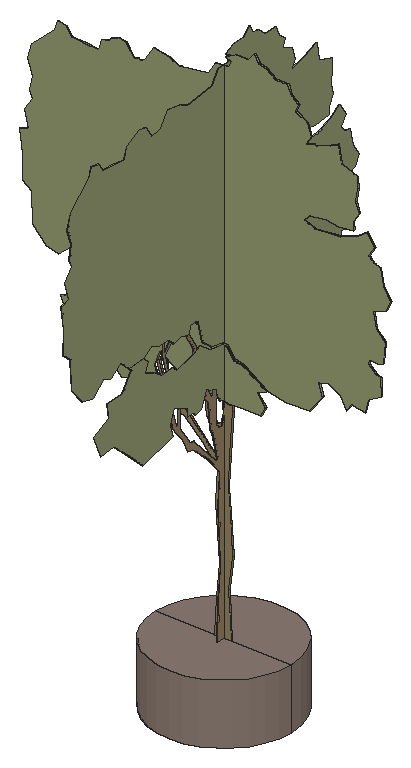
Revit family "L-PL낙엽교목_가중나무", category 수목, Revit 2019
Family settings
  OmniClass 번호 = 23.40.05.00
  OmniClass 제목 = Plants and Planting Products
  작업 기준면 기반 = 아니오
  항상 수직 = 예
  로드될 때 보이드를 사용하여 절단 = 아니오
  렌더 모양 소스 = 패밀리 형상
  공유 = 아니오
Parameters (values of type "가중나무")
  한국산업규격KS = ""
  콘 높이 = 뿌리분 직경 / 4  # 272.5 mm
  조달청표준공사코드-세부공종 = "10161599202809"
  뿌리분 직경 = (24 mm + ((R / 10) - 3 mm) * 5) * 10  # 1090 mm
  뿌리분 높이 = 뿌리분 직경 / 2  # 545 mm
  높이 = 5000 mm
  건설정보분류체계-부위분류 = "E985"
  R = 200 mm
  LIM_INFO_주의사항 = "재배포, 재가공, 판매 금지"
  LIM_INFO_제작일 = "20211210"
  LIM_INFO_버전 = "2022_V01"
  LIM_INFO_PL_학명 = "Quercus myrsinaefolia Bl."
  LIM_INFO_PL_품명 = "가시나무"
  LIM_INFO_PL_주당인정수량 = 0
  LIM_INFO_PL_수목단위 = "주"
  LIM_INFO_PL_규격 = "5.0H X 18R"
  LIM_INFO_PL_구분 = "상록교목"
  LIM_INFO_PL_가격 = 0
  LIM_INFO_PL_Qty [instance] = 0
  LIM_INFO_PL_M2당수량 = 0
  KBIMS_식별-버전 = ""
  KBIMS_식별-bSK등록번호 = ""
  KBIMS_보급정보-저작자 = "림인포테크_MMJ"
  KBIMS_보급정보-보급코드 = ""
  H = 높이  # 5000 mm
Reference planes
  plane 1 "중심(앞/뒤)": y = 0
  plane 2: z = 0
  plane 3 "중심(왼쪽/오른쪽)": x = 0
  plane 4: x = 482.5
  plane 5: x = -607.5
  plane 6: z = -545
  plane 7: z = -817.5
  plane 8: z = 5000
  plane 9: x = -100
  plane 10: x = 100
Forms (mm)
  Revolve 1, solid, material "흙"
    sketch origin (0, 0, 0) x (1, 0, 0) y (0, 0, 1)
      loop
        line (0, 0) -> (-607.5, 0) -> (-607.5, -545) -> (0, -545) -> (0, 0)
      axis (0, 0) -> (0, -545)
    angle from 0 to 360
  Revolve 2, solid, material "흙"
    sketch origin (0, 0, 0) x (1, 0, 0) y (0, 0, 1)
      loop
        line (0, -545) -> (-607.5, -545) -> (0, -817.5) -> (0, -545)
      axis (0, -545) -> (0, -817.5)
    angle from 0 to 360
Dimensions and locks
  "뿌리분 직경": plane 4 to plane 5
  "뿌리분 높이": plane 6 to level
  "콘 높이": plane 7 to plane 6
  "H": level to plane 8
  "R": plane 9 to plane 10
  aligned and locked: level to plane 2
Automatic sketch dimensions
  Revolve 1 sketch curve to level = 0 mm  (x2)
  Revolve 1 sketch curve to plane 5 = 0 mm
  Revolve 1 sketch curve to plane 3 "중심(왼쪽/오른쪽)" = 0 mm  (x2)
  Revolve 1 sketch curve to plane 6 = 0 mm  (x2)
  Revolve 2 sketch curve to plane 5 = 0 mm
  Revolve 2 sketch curve to plane 3 "중심(왼쪽/오른쪽)" = 0 mm  (x2)
  Revolve 2 sketch curve to plane 7 = 0 mm  (x2)
  Revolve 2 sketch curve to plane 6 = 0 mm  (x2)
Nested families
  nested 1: "가죽나무_base" at (0, 0, 0), type "가죽나무_base"
Definition of nested family "가죽나무_base"
  Parameters (values of type "가죽나무_base")
    Height = 6000 mm
  Reference planes
    plane 1 "중심(앞/뒤)": y = 0
    plane 2: z = 0
    plane 3 "중심(왼쪽/오른쪽)": x = 0
  Forms (mm)
    Revolve 1, solid, detail levels coarse
      sketch origin (0, 0, 0) x (1, 0, 0) y (0, 0, 1)
        loop
          line (0, 0) -> (0, 4686.658) -> (-664.965, 4541.816)
          arc (-664.965, 4541.816) -> (-1207.294, 4312.669) -> (-1629.811, 3902.659) r 1597.757
          arc (-1629.811, 3902.659) -> (-1806.634, 3521.785) -> (-1837.552, 3103.006) r 1169.714
          arc (-1837.552, 3103.006) -> (-1763.105, 2766.62) -> (-1616.405, 2454.889) r 1554.774
          arc (-1616.405, 2454.889) -> (-1364.031, 2143.944) -> (-1039.766, 1908.929) r 1533.797
          arc (-1039.766, 1908.929) -> (-699.496, 1774.338) -> (-337.03, 1724.177) r 1533.797
          line (-337.03, 1724.177) -> (-75, 1724.177) -> (-75, 0) -> (0, 0)
        axis (0, 4686.658) -> (0, 0)
      angle from 0 to 360
    Extrusion 2, solid, detail levels fine
      sketch origin (0, 0, 0) x (1, 0, 0) y (0, 0, 1)
        loop
          line (-1347.961, 2669.408) -> (-1265.061, 2629.631) -> (-1155.633, 2712.501) -> (-1064.001, 2621.722) -> (-899.077, 2634.249) -> (-805.172, 2696.83) -> (-715.44, 2657.195) -> (-615.275, 2657.195) -> (-567.279, 2600.873) -> (-485.895, 2623.819) -> (-394.076, 2600.873) -> (-381.556, 2667.626) -> (-293.911, 2675.97) -> (-275.13, 2607.131) -> (-239.655, 2471.54) -> (-137.23, 2389.459) -> (48.937, 2365.738) -> (103.663, 2278.944) -> (190.081, 2255.349) -> (408.664, 2114.572) -> (571.348, 2083.596) -> (774.057, 2092.631) -> (890.259, 2238.477) -> (857.981, 2348.184) -> (941.904, 2363.672) -> (1047.778, 2305.591) -> (1100.715, 2207.501) -> (1151.069, 2270.743) -> (1272.514, 2254.434) -> (1297.045, 2360.269) -> (1415.83, 2431.256) -> (1410.665, 2575.811) -> (1365.476, 2596.462) -> (1302.21, 2654.542) -> (1307.374, 2686.809) -> (1377.607, 2683.55) -> (1431.09, 2700.001) -> (1451.661, 2876.842) -> (1371.436, 2959.094) -> (1346.752, 3086.584) -> (1459.889, 3131.823) -> (1501.03, 3216.131) -> (1435.204, 3323.058) -> (1406.406, 3456.718) -> (1352.968, 3471.76) -> (1301.542, 3519.055) -> (1357.082, 3599.25) -> (1291.257, 3702.065) -> (1190.462, 3634.208) -> (1052.64, 3586.913) -> (822.251, 3564.293) -> (727.627, 3603.363) -> (774.939, 3652.714) -> (920.989, 3673.277) -> (1027.955, 3656.827) -> (1167.834, 3675.333) -> (1165.777, 3743.191) -> (1217.203, 3825.443) -> (1186.348, 3913.864) -> (1204.861, 4022.848) -> (1200.747, 4117.437) -> (1056.754, 4166.788) -> (1030.012, 4314.842) -> (898.361, 4257.265) -> (744.083, 4218.196) -> (789.338, 4292.222) -> (754.368, 4392.981) -> (651.516, 4446.445) -> (678.258, 4506.077) -> (610.375, 4559.541) -> (577.463, 4637.68) -> (466.382, 4637.68) -> (388.215, 4699.369) -> (318.948, 4713.991) -> (282.376, 4777.136) -> (229.182, 4710.667) -> (112.819, 4710.667) -> (26.377, 4667.462) -> (72.923, 4640.875) -> (49.65, 4591.023) -> (-63.388, 4584.376) -> (-129.882, 4478.026) -> (-402.504, 4441.468) -> (-485.62, 4481.349) -> (-625.256, 4504.613) -> (-705.048, 4384.969) -> (-804.788, 4365.028) -> (-871.281, 4468.055) -> (-937.774, 4478.026) -> (-1087.384, 4411.557) -> (-1110.656, 4318.5) -> (-1246.967, 4331.794) -> (-1356.681, 4338.441) -> (-1403.226, 4408.233) -> (-1483.018, 4424.85) -> (-1509.616, 4341.764) -> (-1712.721, 4154.435) -> (-1752.512, 4031.787) -> (-1702.773, 3905.825) -> (-1729.301, 3783.178) -> (-1699.457, 3720.197) -> (-1779.04, 3617.439) -> (-1735.933, 3471.588) -> (-1818.832, 3445.07) -> (-1788.988, 3246.182) -> (-1792.304, 3043.98) -> (-1716.037, 2977.684) -> (-1699.457, 2722.445) -> (-1580.081, 2586.539) -> (-1473.969, 2560.02) -> (-1347.961, 2669.408)
        loop
          line (-1453.595, 2239.431) -> (-1376.987, 2053.153) -> (-1234.122, 2071.781) -> (-1062.27, 1920.689) -> (-904.911, 1775.806) -> (-573.63, 1862.736) -> (-612.97, 1970.363) -> (-565.348, 2090.409) -> (-403.848, 2009.688) -> (-401.992, 1946.588) -> (-340.261, 1955.119) -> (-319.46, 1926.9) -> (-267.087, 1948.064) -> (-226.282, 2012.763) -> (-198.171, 2079.791) -> (-177.203, 2074.493) -> (-150.013, 2009.769) -> (-135.266, 2004.011) -> (-131.58, 2051.92) -> (-92.178, 2031.881) -> (-92.178, 1995.488) -> (-40.682, 1918.247) -> (47.146, 1888.705) -> (155.601, 1901.612) -> (336.361, 1893.868) -> (381.55, 1977.762) -> (306.664, 2071.98) -> (387.334, 2105.666) -> (186.611, 2234.845) -> (94.45, 2253.905) -> (34.069, 2345.503) -> (-151.821, 2370.862) -> (-266.897, 2455.654) -> (-339.82, 2413.131) -> (-527.63, 2369.325) -> (-575.626, 2413.131) -> (-696.659, 2402.701) -> (-778.044, 2463.196) -> (-884.469, 2507.002) -> (-855.254, 2584.185) -> (-894.246, 2628.731) -> (-1059.341, 2617.105) -> (-1033.283, 2591.289) -> (-1136.808, 2454.685) -> (-1300.378, 2446.406) -> (-1287.955, 2320.151) -> (-1453.595, 2239.431)
      from 0 to 5
    Extrusion 3, solid, detail levels fine
      sketch origin (0, 0, 0) x (1, 0, 0) y (0, 0, 1)
        loop
          line (-633.943, 2416.953) -> (-660, 2551.75) -> (-601.549, 2629.882) -> (-608.153, 2639.989) -> (-667.655, 2570.226) -> (-669.554, 2560.892) -> (-678.258, 2570.226) -> (-670.452, 2652.242) -> (-682.613, 2652.242) -> (-691.126, 2564.714) -> (-686.261, 2545.668) -> (-677.343, 2535.538) -> (-649.373, 2413.97) -> (-633.943, 2416.953)
        loop
          line (-181.926, 1510.015) -> (-46.981, 1349.177) -> (-64.812, 1066.304) -> (-33.311, 588.286) -> (-61.854, 308.45) -> (-75, 0) -> (75, 0) -> (64.581, 167.852) -> (49.988, 406.079) -> (85.807, 678.479) -> (64.207, 1023.97) -> (47.065, 1227.939) -> (60.122, 1479.422) -> (85.614, 1846.483) -> (88.547, 1888.717) -> (45.053, 1883.547) -> (-3.42, 1899.828) -> (-0.478, 1858.187) -> (2.754, 1808.042) -> (-19.8, 1706.313) -> (-59.956, 1706.313) -> (-73.708, 1730.508) -> (-91.861, 1748.654) -> (-91.676, 1847.115) -> (-97.515, 1870.119) -> (-97.515, 1942.909) -> (-87.898, 1974.84) -> (-97.879, 1993.764) -> (-96.467, 2026.133) -> (-130.394, 2044.185) -> (-130.394, 1986.748) -> (-154.472, 2001.517) -> (-180.191, 2068.254) -> (-195.513, 2072.63) -> (-220.862, 2015.917) -> (-173.648, 1962.906) -> (-151.515, 1735.209) -> (-117.732, 1679.266) -> (-71.665, 1455.836) -> (-88.568, 1456.345) -> (-334.42, 1721.147) -> (-382.069, 1727.271) -> (-425.627, 1800.619) -> (-477.879, 1862.791) -> (-493.759, 1887.732) -> (-501.467, 1909.403) -> (-499.387, 1926.921) -> (-499.387, 2042.14) -> (-497.419, 2053.784) -> (-511.396, 2060.863) -> (-514.267, 2044.909) -> (-514.267, 1929.128) -> (-521.335, 1914.496) -> (-529.012, 1912.134) -> (-546.391, 1944.309) -> (-575.367, 2047.339) -> (-591.172, 2008.902) -> (-569.469, 1925.425) -> (-559.21, 1916.643) -> (-547.646, 1890.707) -> (-461.589, 1789.984) -> (-402.019, 1668.17) -> (-341.957, 1658.747) -> (-181.926, 1510.015)
        loop
          line (-426.35, 2604.75) -> (-344.395, 2469.018) -> (-345.941, 2421.624) -> (-316.148, 2435.929) -> (-315.536, 2474.17) -> (-390.692, 2597.189) -> (-426.35, 2604.75)
      from 0 to 5
    Extrusion 4, solid, detail levels fine
      sketch origin (-1.401, 0, 0) x (0, 1, 0) y (0, 0, 1)
        loop
          line (-1347.961, 2669.408) -> (-1265.061, 2629.631) -> (-1155.633, 2712.501) -> (-1064.001, 2621.722) -> (-899.077, 2634.249) -> (-805.172, 2696.83) -> (-715.44, 2657.195) -> (-615.275, 2657.195) -> (-567.279, 2600.873) -> (-485.895, 2623.819) -> (-394.076, 2600.873) -> (-381.556, 2667.626) -> (-293.911, 2675.97) -> (-275.13, 2607.131) -> (-239.655, 2471.54) -> (-137.23, 2389.459) -> (48.937, 2365.738) -> (103.663, 2278.944) -> (190.081, 2255.349) -> (408.664, 2114.572) -> (571.348, 2083.596) -> (774.057, 2092.631) -> (890.259, 2238.477) -> (857.981, 2348.184) -> (941.904, 2363.672) -> (1047.778, 2305.591) -> (1100.715, 2207.501) -> (1151.069, 2270.743) -> (1272.514, 2254.434) -> (1297.045, 2360.269) -> (1415.83, 2431.256) -> (1410.665, 2575.811) -> (1365.476, 2596.462) -> (1302.21, 2654.542) -> (1307.374, 2686.809) -> (1377.607, 2683.55) -> (1431.09, 2700.001) -> (1451.661, 2876.842) -> (1371.436, 2959.094) -> (1346.752, 3086.584) -> (1459.889, 3131.823) -> (1501.03, 3216.131) -> (1435.204, 3323.058) -> (1406.406, 3456.718) -> (1352.968, 3471.76) -> (1301.542, 3519.055) -> (1357.082, 3599.25) -> (1291.257, 3702.065) -> (1190.462, 3634.208) -> (1052.64, 3586.913) -> (822.251, 3564.293) -> (727.627, 3603.363) -> (774.939, 3652.714) -> (920.989, 3673.277) -> (1027.955, 3656.827) -> (1167.834, 3675.333) -> (1165.777, 3743.191) -> (1217.203, 3825.443) -> (1186.348, 3913.864) -> (1204.861, 4022.848) -> (1200.747, 4117.437) -> (1056.754, 4166.788) -> (1030.012, 4314.842) -> (898.361, 4257.265) -> (744.083, 4218.196) -> (789.338, 4292.222) -> (754.368, 4392.981) -> (651.516, 4446.445) -> (678.258, 4506.077) -> (610.375, 4559.541) -> (577.463, 4637.68) -> (466.382, 4637.68) -> (388.215, 4699.369) -> (318.948, 4713.991) -> (282.376, 4777.136) -> (229.182, 4710.667) -> (112.819, 4710.667) -> (26.377, 4667.462) -> (72.923, 4640.875) -> (49.65, 4591.023) -> (-63.388, 4584.376) -> (-129.882, 4478.026) -> (-402.504, 4441.468) -> (-485.62, 4481.349) -> (-625.256, 4504.613) -> (-705.048, 4384.969) -> (-804.788, 4365.028) -> (-871.281, 4468.055) -> (-937.774, 4478.026) -> (-1087.384, 4411.557) -> (-1110.656, 4318.5) -> (-1246.967, 4331.794) -> (-1356.681, 4338.441) -> (-1403.226, 4408.233) -> (-1483.018, 4424.85) -> (-1509.616, 4341.764) -> (-1712.721, 4154.435) -> (-1752.512, 4031.787) -> (-1702.773, 3905.825) -> (-1729.301, 3783.178) -> (-1699.457, 3720.197) -> (-1779.04, 3617.439) -> (-1735.933, 3471.588) -> (-1818.832, 3445.07) -> (-1788.988, 3246.182) -> (-1792.304, 3043.98) -> (-1716.037, 2977.684) -> (-1699.457, 2722.445) -> (-1580.081, 2586.539) -> (-1473.969, 2560.02) -> (-1347.961, 2669.408)
        loop
          line (-1453.595, 2239.431) -> (-1376.987, 2053.153) -> (-1234.122, 2071.781) -> (-1062.27, 1920.689) -> (-904.911, 1775.806) -> (-573.63, 1862.736) -> (-612.97, 1970.363) -> (-565.348, 2090.409) -> (-403.848, 2009.688) -> (-401.992, 1946.588) -> (-340.261, 1955.119) -> (-319.46, 1926.9) -> (-267.087, 1948.064) -> (-226.282, 2012.763) -> (-198.171, 2079.791) -> (-177.203, 2074.493) -> (-150.013, 2009.769) -> (-135.266, 2004.011) -> (-131.58, 2051.92) -> (-92.178, 2031.881) -> (-92.178, 1995.488) -> (-40.682, 1918.247) -> (47.146, 1888.705) -> (155.601, 1901.612) -> (336.361, 1893.868) -> (381.55, 1977.762) -> (306.664, 2071.98) -> (387.334, 2105.666) -> (186.611, 2234.845) -> (94.45, 2253.905) -> (34.069, 2345.503) -> (-151.821, 2370.862) -> (-266.897, 2455.654) -> (-339.82, 2413.131) -> (-527.63, 2369.325) -> (-575.626, 2413.131) -> (-696.659, 2402.701) -> (-778.044, 2463.196) -> (-884.469, 2507.002) -> (-855.254, 2584.185) -> (-894.246, 2628.731) -> (-1059.341, 2617.105) -> (-1033.283, 2591.289) -> (-1136.808, 2454.685) -> (-1300.378, 2446.406) -> (-1287.955, 2320.151) -> (-1453.595, 2239.431)
      from 0 to 5
    Extrusion 5, solid, detail levels fine
      sketch origin (-1.401, 0, 0) x (0, 1, 0) y (0, 0, 1)
        loop
          line (-633.943, 2416.953) -> (-660, 2551.75) -> (-601.549, 2629.882) -> (-608.153, 2639.989) -> (-667.655, 2570.226) -> (-669.554, 2560.892) -> (-678.258, 2570.226) -> (-670.452, 2652.242) -> (-682.613, 2652.242) -> (-691.126, 2564.714) -> (-686.261, 2545.668) -> (-677.343, 2535.538) -> (-649.373, 2413.97) -> (-633.943, 2416.953)
        loop
          line (-181.926, 1510.015) -> (-46.981, 1349.177) -> (-64.812, 1066.304) -> (-33.311, 588.286) -> (-61.854, 308.45) -> (-75, 0) -> (75, 0) -> (64.581, 167.852) -> (49.988, 406.079) -> (85.807, 678.479) -> (64.207, 1023.97) -> (47.065, 1227.939) -> (60.122, 1479.422) -> (85.614, 1846.483) -> (88.547, 1888.717) -> (45.053, 1883.547) -> (-3.42, 1899.828) -> (-0.478, 1858.187) -> (2.754, 1808.042) -> (-19.8, 1706.313) -> (-59.956, 1706.313) -> (-73.708, 1730.508) -> (-91.861, 1748.654) -> (-91.676, 1847.115) -> (-97.515, 1870.119) -> (-97.515, 1942.909) -> (-87.898, 1974.84) -> (-97.879, 1993.764) -> (-96.467, 2026.133) -> (-130.394, 2044.185) -> (-130.394, 1986.748) -> (-154.472, 2001.517) -> (-180.191, 2068.254) -> (-195.513, 2072.63) -> (-220.862, 2015.917) -> (-173.648, 1962.906) -> (-151.515, 1735.209) -> (-117.732, 1679.266) -> (-71.665, 1455.836) -> (-88.568, 1456.345) -> (-334.42, 1721.147) -> (-382.069, 1727.271) -> (-425.627, 1800.619) -> (-477.879, 1862.791) -> (-493.759, 1887.732) -> (-501.467, 1909.403) -> (-499.387, 1926.921) -> (-499.387, 2042.14) -> (-497.419, 2053.784) -> (-511.396, 2060.863) -> (-514.267, 2044.909) -> (-514.267, 1929.128) -> (-521.335, 1914.496) -> (-529.012, 1912.134) -> (-546.391, 1944.309) -> (-575.367, 2047.339) -> (-591.172, 2008.902) -> (-569.469, 1925.425) -> (-559.21, 1916.643) -> (-547.646, 1890.707) -> (-461.589, 1789.984) -> (-402.019, 1668.17) -> (-341.957, 1658.747) -> (-181.926, 1510.015)
        loop
          line (-426.35, 2604.75) -> (-344.395, 2469.018) -> (-345.941, 2421.624) -> (-316.148, 2435.929) -> (-315.536, 2474.17) -> (-390.692, 2597.189) -> (-426.35, 2604.75)
      from 0 to 5
  Lines and regions (mm)
    symbolic lines
      curve 1: arc (121.221, 551.749, 0) -> (200.816, 616.088, 0) -> (231.252, 518.372, 0) r 61.854
      curve 2: arc (231.252, 518.372, 0) -> (258.878, 448.096, 0) -> (332.658, 464.169, 0) r 58.236
      curve 3: arc (332.658, 464.169, 0) -> (430.816, 493.151, 0) -> (421.541, 391.225, 0) r 61.854
      curve 4: arc (421.541, 391.225, 0) -> (420.17, 315.727, 0) -> (494.485, 302.342, 0) r 58.236
      curve 5: arc (494.485, 302.342, 0) -> (596.262, 291.554, 0) -> (548.688, 200.936, 0) r 61.854
      curve 6: arc (548.688, 200.936, 0) -> (518.529, 131.71, 0) -> (582.065, 90.905, 0) r 58.236
      curve 7: arc (582.065, 90.905, 0) -> (671.966, 41.99, 0) -> (593.336, -23.524, 0) r 61.854
      curve 8: arc (593.336, -23.524, 0) -> (538.981, -75.94, 0) -> (582.065, -137.953, 0) r 58.236
      curve 9: arc (582.065, -137.953, 0) -> (646.404, -217.548, 0) -> (548.688, -247.985, 0) r 61.854
      curve 10: arc (548.688, -247.985, 0) -> (478.412, -275.61, 0) -> (494.485, -349.39, 0) r 58.236
      curve 11: arc (494.485, -349.39, 0) -> (523.466, -447.548, 0) -> (421.541, -438.273, 0) r 61.854
      curve 12: arc (421.541, -438.273, 0) -> (346.043, -436.903, 0) -> (332.658, -511.218, 0) r 58.236
      curve 13: arc (332.658, -511.218, 0) -> (321.87, -612.994, 0) -> (231.252, -565.42, 0) r 61.854
      curve 14: arc (231.252, -565.42, 0) -> (162.026, -535.262, 0) -> (121.221, -598.798, 0) r 58.236
      curve 15: arc (121.221, -598.798, 0) -> (72.306, -688.699, 0) -> (6.792, -610.068, 0) r 61.854
      curve 16: arc (6.792, -610.068, 0) -> (-45.624, -555.713, 0) -> (-107.637, -598.798, 0) r 58.236
      curve 17: arc (-107.637, -598.798, 0) -> (-187.232, -663.136, 0) -> (-217.669, -565.42, 0) r 61.854
      curve 18: arc (-217.669, -565.42, 0) -> (-245.294, -495.144, 0) -> (-319.075, -511.218, 0) r 58.236
      curve 19: arc (-319.075, -511.218, 0) -> (-417.232, -540.199, 0) -> (-407.957, -438.273, 0) r 61.854
      curve 20: arc (-407.957, -438.273, 0) -> (-406.587, -362.775, 0) -> (-480.902, -349.39, 0) r 58.236
      curve 21: arc (-480.902, -349.39, 0) -> (-582.678, -338.602, 0) -> (-535.104, -247.985, 0) r 61.854
      curve 22: arc (-535.104, -247.985, 0) -> (-504.946, -178.758, 0) -> (-568.482, -137.953, 0) r 58.236
      curve 23: arc (-568.482, -137.953, 0) -> (-658.383, -89.038, 0) -> (-579.752, -23.524, 0) r 61.854
      curve 24: arc (-579.752, -23.524, 0) -> (-525.398, 28.892, 0) -> (-568.482, 90.905, 0) r 58.236
      curve 25: arc (-568.482, 90.905, 0) -> (-632.82, 170.5, 0) -> (-535.104, 200.936, 0) r 61.854
      curve 26: arc (-535.104, 200.936, 0) -> (-464.828, 228.562, 0) -> (-480.902, 302.342, 0) r 58.236
      curve 27: arc (-480.902, 302.342, 0) -> (-509.883, 400.5, 0) -> (-407.957, 391.225, 0) r 61.854
      curve 28: arc (-407.957, 391.225, 0) -> (-332.459, 389.854, 0) -> (-319.075, 464.169, 0) r 58.236
      curve 29: arc (-319.075, 464.169, 0) -> (-308.286, 565.946, 0) -> (-217.669, 518.372, 0) r 61.854
      curve 30: arc (-217.669, 518.372, 0) -> (-148.442, 488.213, 0) -> (-107.637, 551.749, 0) r 58.236
      curve 31: arc (-107.637, 551.749, 0) -> (-58.722, 641.65, 0) -> (6.792, 563.02, 0) r 61.854
      curve 32: arc (6.792, 563.02, 0) -> (59.208, 508.665, 0) -> (121.221, 551.749, 0) r 58.236
      curve 33: arc (210.13, 980.122, 0) -> (348.832, 1092.238, 0) -> (401.87, 921.958, 0) r 107.787
      curve 34: arc (401.87, 921.958, 0) -> (450.01, 799.496, 0) -> (578.579, 827.505, 0) r 101.481
      curve 35: arc (578.579, 827.505, 0) -> (749.628, 878.008, 0) -> (733.466, 700.393, 0) r 107.787
      curve 36: arc (733.466, 700.393, 0) -> (731.077, 568.831, 0) -> (860.578, 545.507, 0) r 101.481
      curve 37: arc (860.578, 545.507, 0) -> (1037.933, 526.707, 0) -> (955.031, 368.798, 0) r 107.787
      curve 38: arc (955.031, 368.798, 0) -> (902.477, 248.164, 0) -> (1013.194, 177.058, 0) r 101.481
      curve 39: arc (1013.194, 177.058, 0) -> (1169.855, 91.818, 0) -> (1032.834, -22.346, 0) r 107.787
      curve 40: arc (1032.834, -22.346, 0) -> (938.116, -113.686, 0) -> (1013.194, -221.749, 0) r 101.481
      curve 41: arc (1013.194, -221.749, 0) -> (1125.31, -360.451, 0) -> (955.031, -413.489, 0) r 107.787
      curve 42: arc (955.031, -413.489, 0) -> (832.568, -461.629, 0) -> (860.578, -590.198, 0) r 101.481
      curve 43: arc (860.578, -590.198, 0) -> (911.08, -761.247, 0) -> (733.466, -745.085, 0) r 107.787
      curve 44: arc (733.466, -745.085, 0) -> (601.903, -742.696, 0) -> (578.579, -872.197, 0) r 101.481
      curve 45: arc (578.579, -872.197, 0) -> (559.78, -1049.552, 0) -> (401.87, -966.65, 0) r 107.787
      curve 46: arc (401.87, -966.65, 0) -> (281.236, -914.096, 0) -> (210.13, -1024.814, 0) r 101.481
      curve 47: arc (210.13, -1024.814, 0) -> (124.891, -1181.474, 0) -> (10.727, -1044.453, 0) r 107.787
      curve 48: arc (10.727, -1044.453, 0) -> (-80.613, -949.735, 0) -> (-188.677, -1024.814, 0) r 101.481
      curve 49: arc (-188.677, -1024.814, 0) -> (-327.379, -1136.929, 0) -> (-380.417, -966.65, 0) r 107.787
      curve 50: arc (-380.417, -966.65, 0) -> (-428.557, -844.188, 0) -> (-557.126, -872.197, 0) r 101.481
      curve 51: arc (-557.126, -872.197, 0) -> (-728.175, -922.7, 0) -> (-712.012, -745.085, 0) r 107.787
      curve 52: arc (-712.012, -745.085, 0) -> (-709.624, -613.522, 0) -> (-839.125, -590.198, 0) r 101.481
      curve 53: arc (-839.125, -590.198, 0) -> (-1016.48, -571.399, 0) -> (-933.577, -413.489, 0) r 107.787
      curve 54: arc (-933.577, -413.489, 0) -> (-881.024, -292.855, 0) -> (-991.741, -221.749, 0) r 101.481
      curve 55: arc (-991.741, -221.749, 0) -> (-1148.402, -136.51, 0) -> (-1011.381, -22.346, 0) r 107.787
      curve 56: arc (-1011.381, -22.346, 0) -> (-916.663, 68.994, 0) -> (-991.741, 177.058, 0) r 101.481
      curve 57: arc (-991.741, 177.058, 0) -> (-1103.857, 315.76, 0) -> (-933.577, 368.798, 0) r 107.787
      curve 58: arc (-933.577, 368.798, 0) -> (-811.115, 416.938, 0) -> (-839.125, 545.507, 0) r 101.481
      curve 59: arc (-839.125, 545.507, 0) -> (-889.627, 716.556, 0) -> (-712.012, 700.393, 0) r 107.787
      curve 60: arc (-712.012, 700.393, 0) -> (-580.45, 698.005, 0) -> (-557.126, 827.505, 0) r 101.481
      curve 61: arc (-557.126, 827.505, 0) -> (-538.327, 1004.861, 0) -> (-380.417, 921.958, 0) r 107.787
      curve 62: arc (-380.417, 921.958, 0) -> (-259.783, 869.405, 0) -> (-188.677, 980.122, 0) r 101.481
      curve 63: arc (-188.677, 980.122, 0) -> (-103.438, 1136.783, 0) -> (10.727, 999.762, 0) r 107.787
      curve 64: arc (10.727, 999.762, 0) -> (102.066, 905.044, 0) -> (210.13, 980.122, 0) r 101.481
      curve 65: circle (0, 0, 0) r 74.714 normal (0, 0, 1)
  Dimensions and locks
    aligned and locked: level to plane 2
